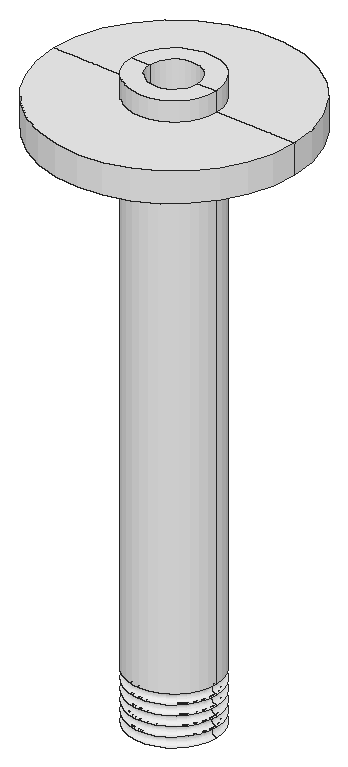
Revit family "Shower_Arm-Ceiling_Mount-American_Standard-1660.186_Series", category Plumbing Fixtures, Revit 2019
Family settings
  Round Connector Dimension = Use Diameter
  Part Type = Normal
  OmniClass Number = 23.45.05.14.17
  OmniClass Title = Showers
  Work Plane-Based = Yes
  Always vertical = No
  Cut with Voids When Loaded = No
  Shared = Yes
  Room Calculation Point = No
Parameters (values of type "1660.186.002")
  Width = 7/8"  # constant formula
  Water Connection Radius = 1/4"  # constant formula
  Water Connection Diameter = 1/2"  # constant formula
  Waste Connection = no
  WFU = 4  # constant formula
  Vent Connection = no
  URL = "https://www.americanstandard-us.com/"
  Revised Date = "05/12/2021"
  Product Page URL = "https://www.americanstandard-us.com/bathroom/shower-faucets/6-inch-ceiling-mount-shower-arm-23191"
  Product Documentation Link = "https://www.americanstandard-us.com/-/media/sites/asus/files/product-specs/bulk/specsheet1660186.pdf?la=en"
  Price = "Prices may vary. Please consult Manufacturer Representative for most up-to-date price list."  # constant formula
  Model = "1660.186.002"
  Material = "Brass-American Standard-002-Polished Chrome"
  Manufacturer = "American Standard"  # constant formula
  Length = 2 1/2"  # constant formula
  Installation Type = "Ceiling Mounted"  # constant formula
  Height = 6"
  HWFU = 3  # constant formula
  HW Connection = yes
  Finish = Brass-American Standard-002-Polished Chrome
  Description = "6\" Ceiling Mount Shower Arm"
  Default Elevation = 0"
  Creation Date = "01/25/2018"  # constant formula
  CWFU = 3  # constant formula
  CW Connection = yes
  Assembly Code = "D2010710"
Types (5): name | Model | Material | Finish
  (no name) | "1660.186.002" | "Brass-American Standard-002-Polished Chrome" | Brass-American Standard-002-Polished Chrome
  1660.186.002 | "1660.186.002" | "Brass-American Standard-002-Polished Chrome" | Brass-American Standard-002-Polished Chrome
  1660.186.295 | "1660.186.295" | "Brass-American Standard-295-Brushed Nickel" | Brass-American Standard-295-Brushed Nickel
  1660.186.013 | "1660.186.013" | "Brass-American Standard-013-Polished Nickel" | Brass-American Standard-013-Polished Nickel
  1660.186.278 | "1660.186.278" | "Brass-American Standard-278-Legacy Bronze" | Brass-American Standard-278-Legacy Bronze
Reference planes (in)
  plane 1 "Center (Front/Back)": y = 0
  plane 2: z = 0
  plane 3 "Center (Left/Right)": x = 0
  plane 4: x = 1.25
  plane 5: x = -1.25
  plane 6: x = 0.25
  plane 7: x = -0.25
  plane 8: x = 0.4375
  plane 9: x = -0.4375
  plane 10: z = 0.19721
  plane 11: z = -5.80279
Forms (in)
  Revolve 1, solid, material "Brass-American Standard-002-Polished Chrome" <- "Finish"
    sketch origin (0, 0, 0) x (1, 0, 0) y (0, 0, 1)
      loop
        line (0.4375, 0) -> (0.4375, 0.19721) -> (0.25, 0.19721) -> (0.25, -5.80279) -> (0.4375, -5.80279)
        arc (0.4375, -5.80279) -> (0.3875, -5.75279) -> (0.4375, -5.70279) r 0.05
        arc (0.4375, -5.70279) -> (0.3875, -5.65279) -> (0.4375, -5.60279) r 0.05
        arc (0.4375, -5.60279) -> (0.3875, -5.55279) -> (0.4375, -5.50279) r 0.05
        arc (0.4375, -5.50279) -> (0.3875, -5.45279) -> (0.4375, -5.40279) r 0.05
        arc (0.4375, -5.40279) -> (0.3875, -5.35279) -> (0.4375, -5.30279) r 0.05
        line (0.4375, -5.30279) -> (0.4375, -0.3) -> (1.25, -0.3) -> (1.25, 0) -> (0.4375, 0)
      axis (0, 0.19721) -> (0, -5.80279)
    angle from 0 to 360
Lines and regions (in)
  Masking region 1
    outline origin (0, 0, 0) x (1, 0, 0) y (0, 1, 0)
      loop
        circle (0, 0) r 1.25
  symbolic lines, detail levels medium+fine
    curve 1: arc (0.25, 0, 0) -> (0, 0.25, 0) -> (-0.25, 0, 0) r 0.25
    curve 2: arc (-0.25, 0, 0) -> (0, -0.25, 0) -> (0.25, 0, 0) r 0.25
  symbolic lines, detail levels fine
    curve 3: arc (0.4375, 0, 0) -> (0, 0.4375, 0) -> (-0.4375, 0, 0) r 0.4375
    curve 4: arc (-0.4375, 0, 0) -> (0, -0.4375, 0) -> (0.4375, 0, 0) r 0.4375
Dimensions and locks (in)
  "Width": plane 8 to plane 9
  "Length": plane 4 to plane 5
  "Height": plane 10 to plane 11
  locked: plane 10 to level at 0.19721
  aligned and locked: Revolve 1 sketch curve to plane 8
  aligned and locked: plane 6 to Revolve 1 sketch curve
  aligned and locked: Masking region 1 sketch curve to Revolve 1  (x2)
  aligned and locked: curve 1 to Revolve 1
  aligned and locked: curve 2 to Revolve 1
  aligned and locked: curve 3 to Revolve 1
  aligned and locked: curve 4 to Revolve 1
Automatic sketch dimensions
  Revolve 1 sketch curve to plane 3 "Center (Left/Right)" = 0"
  Revolve 1 sketch curve to plane 8 = 0"  (x5)
  Revolve 1 sketch curve to plane 4 = 0"
  Revolve 1 sketch curve to plane 10 = 0"
  Revolve 1 sketch curve to Revolve 1 sketch curve = 0.05"  (x3)
  Revolve 1 sketch curve to Revolve 1 sketch curve = 0.1"  (x3)
  Revolve 1 sketch curve to Revolve 1 sketch curve = 0.3"
  Revolve 1 sketch curve to Revolve 1 sketch curve = 0"  (x2)
  plane 10 to Revolve 1 sketch curve = 0.14165"
  Revolve 1 sketch curve to Revolve 1 sketch curve = 0.41114"
  Revolve 1 sketch curve to level = 0"
  Revolve 1 sketch curve to Revolve 1 sketch curve = 5.00279"
Connectors (in)
  piping at (0, 0, 0.19721), diameter 0.5, driven by "Water Connection Diameter"
    settings: on Revolve 1, index 1, connector inside diameter 24", connector length 0", flow factor 0, pipe flow 0 GPM, pressure drop 0.00 psi, fitting loss kfactor 0, connector angle 0.00°, fixture units 0, engagement length 0", angle of deflection 0.00°, flow configuration 0, flow direction 1, fitting loss method 0, system type 29, joint type 0, gender type 0, connector reference index -1, connector utility 0, adjustable connector no, is connector primary yes, connector description "1/2\" NPT Inlet Connection"
